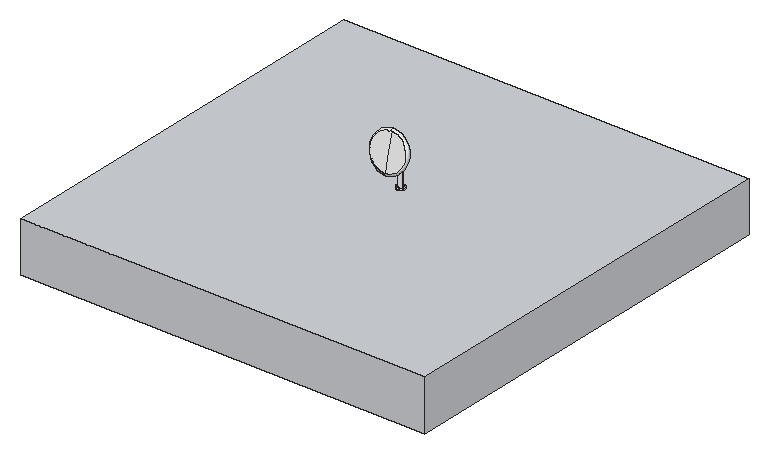
Revit family
Parameters (values of type "TS416A")
  ecoScorecard_data = "http://products.ecoscorecard.com/toto/TS416A"
  ecoScorecard Product Page = "http://products.ecoscorecard.com/toto/TS416A?action=html"
  Width = 9"
  Warranty URL = "http://www.totousa.com/Support/WarrantyInformation.aspx"
  Warranty = "Lifetime Limited Warranty (Residential Use); One Year Limited (Commercial Use)"
  URL = "http://www.totousa.com"
  Toto BIM Number = "BM-0308"  # constant formula
  Tempered Water Connection NPT Radius = 1/4"
  Subcategory = "Showers"  # constant formula
  Style = "Contemporary"  # constant formula
  Spec Sheet URL = "http://www.totousa.com/Portals/0/ProductDownloads/SS-00603_TS416A.pdf"
  Shipping Weight = 3.30 lbf
  Series = "Aquia"  # constant formula
  Product Page URL = "http://www.totousa.com/ProductDetail.aspx?productid=705"
  Parts Manual URL = "http://www.totousa.com/Portals/0/ProductDownloads/PD-00630_TS416A.pdf"
  Owners Manual URL = "http://www.totousa.com/Portals/0/ProductDownloads/0GU4116_SHOWERHEAD_WITH_ARM_IM_OM.pdf"
  Model = "TS416A"  # constant formula
  Manufacturer Toll Free Phone = "1-888-295-8134"  # constant formula
  Manufacturer Phone = "(770) 282-8686"  # constant formula
  Manufacturer Fax = "(770) 282-0002"  # constant formula
  Manufacturer Email = "mailto:custservice@totousa.com "
  Manufacturer Address = "1155 Southern Road, Morrow, Georgia 30260"  # constant formula
  Manufacturer = "TOTO USA, Inc."  # constant formula
  Height = 5 3/4"
  Flow Rate = 2.50 GPM
  Finish = Metal - TOTO - Chrome - Polished
  Description = "Aquia® Showerhead "
  Depth = 13 11/16"
  Default Elevation = 72"
  Cost Info = "mailto:custservice@totousa.com"
  Color Availability = "#CP Polished Chrome, #BN Brushed Nickel, #PN Polished Nickel"
  CAD Drawing URL = "http://www.totousa.com/Portals/0/ProductDownloads/AD-00432_TS416A.dxf"
  Assembly Code = "D2010710"
  95 CSI = "15416"  # constant formula
  04 CSI = "22 41 39"  # constant formula
Reference planes (in)
  plane 1 "Center (Front/Back)": y = 0
  plane 2: z = 0
  plane 3 "Center (Left/Right)": x = 0
  plane 4: x = -4.5
  plane 5: x = 4.5
  plane 6: z = 13.6875
  plane 7: y = 5.75
Forms (in)
  Extrusion 1, solid
    sketch origin (0, 0, 0) x (1, 0, 0) y (0, 1, 0)
      loop
        line (-48, 48) -> (-48, -48) -> (48, -48) -> (48, 48) -> (-48, 48)
    from 0 to -12
Dimensions and locks (in)
  "Width": plane 4 to plane 5
  "Depth": plane 6 to plane 2
  equal spacing: plane 4, plane 3 "Center (Left/Right)", plane 5
  "Height": plane 7 to plane 1 "Center (Front/Back)"
  aligned and locked: plane 2 to Extrusion 1
  aligned and locked: level to Extrusion 1
  aligned and locked: plane 3 "Center (Left/Right)" to nested 1
  aligned: plane 1 "Center (Front/Back)" to nested 1
  aligned and locked: plane 1 "Center (Front/Back)" to nested 1
Automatic sketch dimensions
  Extrusion 1 sketch curve to Extrusion 1 sketch curve = 96"  (x2)
Nested families (in)
  nested 1: "TS416A" at (0, 4.8125, 0), type "TS416A"
Connectors (in)
  piping at (0, 4.8125, 0), driven by "Flow Rate", driven by "Tempered Water Connection NPT Radius"
    settings: on nested 1, index 1, connector radius 1/4", flow factor 0, pipe flow 2.50 GPM, pressure drop 0.00 psi, fitting loss kfactor 0, connector angle 0.00°, fixture units 0, flow configuration 0, flow direction 1, fitting loss method 0, system type 7, connector reference index -1, connector utility 0, adjustable connector no, is connector primary yes, fitting loss table "", connector description "Tempered Water Inlet Connection"
Definition of nested family "TS416A"
  Parameters (values of type "TS416A")
    ecoScorecard_data = ""
    ecoScorecard Product Page = ""
    Width = 9"
    Warranty URL = ""
    Warranty = ""
    URL = "http://www.totousa.com"
    Toto BIM Number = ""
    Subcategory = "Showers"  # constant formula
    Style = "Contemporary"  # constant formula
    Spec Sheet URL = ""
    Shipping Weight = 0.00 lbf
    Series = ""
    Product Page URL = ""
    Parts Manual URL = ""
    Owners Manual URL = ""
    Mount Type = ""
    Manufacturer Toll Free Phone = "1-888-295-8134"  # constant formula
    Manufacturer Phone = "(770) 282-8686"  # constant formula
    Manufacturer Fax = "(770) 282-0002"  # constant formula
    Manufacturer Email = "mailto:custservice@totousa.com "
    Manufacturer Address = "1155 Southern Road, Morrow, Georgia 30260"  # constant formula
    Manufacturer = "TOTO USA, Inc."  # constant formula
    Installation URL = ""
    Industry Standards = ""
    Height = 5 3/4"
    Finish = Metal - TOTO - Chrome - Polished
    Depth = 13 11/16"
    Default Elevation = 48"
    Cost Info = ""
    Color Availability = ""
    Code Compliance = ""
    Certifications = ""
    CAD Drawing URL = ""
    Assembly Code = "D2010710"
    ADA Compliant = yes
    95 CSI = ""
    04 CSI = ""
  Reference planes (in)
    plane 1 "Center (Front/Back)": y = 0
    plane 2: z = 0
    plane 3 "Center (Left/Right)": x = 0
    plane 4: z = 13.6875
    plane 5: x = -4.5
    plane 6: x = 4.5
    plane 7: y = 0.96875
    plane 8: y = 0
    plane 9: y = -0.96875
    plane 10: y = 0
    plane 11: y = 0.96875
    plane 12: y = -4.8125
    plane 13: y = 0.9375
  Forms (in)
    Extrusion 1, solid
      sketch origin (0, 0, 0) x (1, 0, 0) y (0, 1, 0)
        loop
          line (-48, 48) -> (-48, -48) -> (48, -48) -> (48, 48) -> (-48, 48)
      from 0 to -12
    Revolve 2, solid, material "Metal - TOTO - Chrome - Polished" <- "Finish", detail levels fine
      sketch origin (0, 0.15625, -0.37187) x (0, -1, 0) y (0, 0, -1)
        loop
          line (2.62393, -10.36195) -> (2.84808, -9.51576) -> (0.92353, -9.00596) -> (0.80675, -9.44681) -> (0.82885, -9.46891) -> (1.36683, -9.61306)
          arc (1.36683, -9.61306) -> (1.51395, -9.55187) -> (1.60972, -9.67921) r 0.12993
          line (1.60972, -9.67921) -> (1.56307, -9.85532)
          arc (1.56307, -9.85532) -> (1.56669, -9.90192) -> (1.60226, -9.93223) r 0.06092
          line (1.60226, -9.93223) -> (2.31706, -10.16299) -> (2.33012, -10.191) -> (2.57041, -10.26311)
          arc (2.57041, -10.26311) -> (2.61757, -10.30148) -> (2.62393, -10.36195) r 0.07968
        axis (0.92353, -9.00596) -> (2.84808, -9.51576)
      angle from 0 to 360
    Sweep 3, solid, material "Metal - TOTO - Chrome - Polished" <- "Finish"
      path origin (0, 0.09375, -0.37187) x (0, -1, 0) y (0, 0, -1)
        loop
          arc (0.86103, -9.00596) -> (0.30791, -8.64034) -> (0.09375, -8.01285) r 1.02636
          line (0.09375, -8.01285) -> (0.09375, -0.37187)
      profile origin (0, 0, 3.82049) x (1, 0, 0) y (0, 1, 0)
        loop
          circle (0, 0) r 0.47034
    Revolve 4, solid, material "Metal - TOTO - Chrome - Polished" <- "Finish"
      sketch origin (0, 0.16406, -0.49687) x (0, -1, 0) y (0, 0, -1)
        loop
          line (2.8505, -9.58093) -> (2.62484, -10.42308)
          arc (2.62484, -10.42308) -> (2.31744, -11.74687) -> (2.09211, -13.08708) r 22.06424
          line (2.09211, -13.08708) -> (1.97372, -13.74334)
          arc (1.97372, -13.74334) -> (2.30592, -14.1436) -> (2.77881, -13.92695) r 0.4276
          line (2.77881, -13.92695) -> (3.87012, -9.85414) -> (2.8505, -9.58093)
        axis (3.87012, -9.85414) -> (2.8505, -9.58093)
      angle from 0 to 360
    Revolve 5, solid, material "Metal - TOTO - Chrome - Polished" <- "Finish"
      sketch origin (0, 0, 0.00313) x (0, -1, 0) y (0, 0, -1)
        loop
          line (0, -0.47671) -> (0, -0.19118) -> (-0.96875, -0.19118) -> (-0.96875, -0.39502)
          arc (-0.96875, -0.39502) -> (-0.94482, -0.45278) -> (-0.88706, -0.47671) r 0.08169
          line (-0.88706, -0.47671) -> (0, -0.47671)
        axis (0, -0.47671) -> (0, -0.19118)
      angle from 0 to 360
    Revolve 6, solid, material "Metal - TOTO - Chrome - Polished" <- "Finish", detail levels coarse+medium
      sketch origin (0, 0, 0) x (0, -1, 0) y (0, 0, 1)
        loop
          line (0.76688, 8.6352) -> (2.74525, 9.09781) -> (2.51541, 9.95557) -> (0.6459, 9.09894) -> (0.76688, 8.6352)
        axis (2.74525, 9.09781) -> (0.75499, 8.63242)
      angle from 0 to 360
  Lines and regions (in)
    symbolic lines
      curve 1: arc (-0.48749, -0.83716, 0) -> (0, 0.96875, 0) -> (0.48749, -0.83716, 0) r 0.96875
      curve 2: line (-0.47034, 0, 0) -> (-0.47034, 0, 0.19431)
      curve 3: line (0.47034, 0, 0) -> (0.47034, 0, 0.19431)
      curve 4: arc (-2.21589, 0, 5.71827) -> (-1.15494, 0, 5.23248) -> (0, 0, 5.06603) r 4.09022
      curve 5: arc (-2.21589, 0, 12.59423) -> (-3.46024, 0, 11.50591) -> (-4.16341, 0, 10.00979) r 4.03295
      curve 6: arc (-4.16341, 0, 10.00979) -> (-4.25, 0, 9.15625) -> (-4.16341, 0, 8.30271) r 4.25
      curve 7: arc (0, 0, 13.24647) -> (-1.15494, 0, 13.08002) -> (-2.21589, 0, 12.59423) r 4.09022
      curve 8: arc (-2.21589, 0, 5.71827) -> (-3.46024, 0, 6.80659) -> (-4.16341, 0, 8.30271) r 4.03295
      curve 9: arc (2.21589, 0, 5.71827) -> (1.15494, 0, 5.23248) -> (0, 0, 5.06603) r 4.09022
      curve 10: arc (2.21589, 0, 12.59423) -> (3.46024, 0, 11.50591) -> (4.16341, 0, 10.00979) r 4.03295
      curve 11: arc (4.16341, 0, 10.00979) -> (4.25, 0, 9.15625) -> (4.16341, 0, 8.30271) r 4.25
      curve 12: arc (0, 0, 13.24647) -> (1.15494, 0, 13.08002) -> (2.21589, 0, 12.59423) r 4.09022
      curve 13: arc (2.21589, 0, 5.71827) -> (3.46024, 0, 6.80659) -> (4.16341, 0, 8.30271) r 4.03295
      curve 14: arc (4.43482, 0, 8.39309) -> (0, 0, 4.87972) -> (-4.43482, 0, 8.39309) r 4.55565
      curve 15: arc (4.43482, 0, 8.39309) -> (0, 0, 13.65625) -> (-4.43482, 0, 8.39309) r 4.5
      curve 16: line (-0.96875, 0, 0.19431) -> (0.96875, 0, 0.19431)
      curve 17: line (0.96875, 0, 0.19431) -> (0.96875, 0, 0.39851)
      curve 18: line (-0.96875, 0, 0.19431) -> (-0.96875, 0, 0.3975)
      curve 19: line (0.8873, 0, 0.47996) -> (-0.8863, 0, 0.47996)
      curve 20: arc (-0.8863, 0, 0.47996) -> (-0.9446, 0, 0.45581) -> (-0.96875, 0, 0.3975) r 0.08245
      curve 21: arc (0.8873, 0, 0.47996) -> (0.94489, 0, 0.4561) -> (0.96875, 0, 0.39851) r 0.08145
      curve 22: line (-0.47034, 0, 0.47996) -> (-0.47034, 0, 4.90406)
      curve 23: line (0.47034, 0, 0.47996) -> (0.47034, 0, 4.90406)
      curve 24: line (0.47034, 0, 0) -> (-0.47034, 0, 0)
      curve 25: circle (0, 0, 9.15625) r 3.57941 normal (0, -1, 0)
      curve 57: line (0, -2.61475, 13.43008) -> (0, -4.79736, 5.28445)
      curve 58: arc (0, -2.70215, 9.08827) -> (0, -2.24232, 10.82315) -> (0, -1.92805, 12.5902) r 21.60853
      curve 59: arc (0, -2.61475, 13.43008) -> (0, -2.13021, 13.64427) -> (0, -1.81769, 13.2165) r 0.42229
      curve 60: line (0, -1.81769, 13.2165) -> (0, -1.92805, 12.5902)
      curve 61: arc (0, -2.70215, 9.08827) -> (0, -3.17136, 7.35591) -> (0, -3.78272, 5.66846) r 21.60853
      curve 62: arc (0, -4.79736, 5.28445) -> (0, -4.48484, 4.85669) -> (0, -4.0003, 5.07088) r 0.42229
      curve 63: line (0, -4.0003, 5.07088) -> (0, -3.78272, 5.66846)
      curve 85: line (0, -0.88604, 8.179) -> (0, -0.64294, 9.09705)
      curve 86: arc (0, -0.64294, 9.09705) -> (0, 0.14204, 8.59775) -> (0, 0.47173, 7.72781) r 1.47426
      curve 87: arc (0, -0.88604, 8.179) -> (0, -0.56577, 7.95841) -> (0, -0.47031, 7.58142) r 0.55224
      curve 88: line (0, -0.47031, 7.58142) -> (0, -0.47031, 0.48001)
      curve 89: line (0, 0.47173, 7.72781) -> (0, 0.47173, 0.48001)
      curve 90: line (0, -0.47031, 0) -> (0, 0.47173, 0)
      curve 91: line (0, 0.96875, 0.19431) -> (0, -0.96875, 0.19431)
      curve 92: line (0, 0.96875, 0.19431) -> (0, 0.96875, 0.40003)
      curve 93: arc (0, 0.88592, 0.48001) -> (0, 0.94373, 0.45699) -> (0, 0.96875, 0.40003) r 0.08204
      curve 94: line (0, 0.88592, 0.48001) -> (0, -0.88592, 0.48001)
      curve 95: line (0, -0.96875, 0.19431) -> (0, -0.96875, 0.40003)
      curve 96: arc (0, -0.88592, 0.48001) -> (0, -0.94373, 0.45699) -> (0, -0.96875, 0.40003) r 0.08204
      curve 97: line (0, -0.47031, 0.19431) -> (0, -0.47031, 0)
      curve 98: line (0, 0.47173, 0.19431) -> (0, 0.47173, 0)
      curve 101: line (0.47034, 0, 0) -> (0.47034, -0.71051, 0)
      curve 102: line (-0.47034, 0, 0) -> (-0.47034, -0.75, 0)
      curve 103: arc (0.47034, 0, 0) -> (0, 0.47034, 0) -> (-0.47034, 0, 0) r 0.47034
      curve 113: spline (0, -2.61475, 0) -> (-1.09131, -2.65193, 0) -> (-2.10824, -2.76096, 0) -> (-2.9815, -2.93438, 0) -> (-3.65158, -3.1604, 0) -> (-4.07281, -3.4236, 0) -> (-4.21648, -3.70605, 0) -> (-4.07281, -3.98851, 0) -> (-3.65158, -4.25171, 0) -> (-2.9815, -4.47772, 0) -> (-2.10824, -4.65115, 0) -> (-1.09131, -4.76018, 0) -> (0, -4.79736, 0)
      curve 114: spline (0, -4.79736, 0) -> (1.09131, -4.76018, 0) -> (2.10824, -4.65115, 0) -> (2.9815, -4.47772, 0) -> (3.65158, -4.25171, 0) -> (4.07281, -3.98851, 0) -> (4.21648, -3.70605, 0) -> (4.07281, -3.4236, 0) -> (3.65158, -3.1604, 0) -> (2.9815, -2.93438, 0) -> (2.10824, -2.76096, 0) -> (1.09131, -2.65193, 0) -> (0, -2.61475, 0)
      curve 115: spline (0, -1.80966, 0) -> (0.33915, -1.81317, 0) -> (0.67613, -1.82368, 0) -> (1.0088, -1.84112, 0) -> (1.33502, -1.86538, 0) -> (1.65272, -1.8963, 0) -> (1.95986, -1.93368, 0) -> (2.25449, -1.9773, 0) -> (2.53473, -2.02687, 0) -> (2.79877, -2.08207, 0) -> (3.04495, -2.14254, 0) -> (3.27168, -2.20792, 0) -> (3.47752, -2.27777, 0)
      curve 116: spline (-3.56472, -2.31124, 0) -> (-3.36099, -2.23681, 0) -> (-3.13413, -2.16702, 0) -> (-2.8857, -2.10233, 0) -> (-2.6174, -2.04319, 0) -> (-2.33108, -1.99001, 0) -> (-2.02872, -1.94316, 0) -> (-1.71239, -1.90296, 0) -> (-1.38428, -1.86968, 0) -> (-1.04663, -1.84356, 0) -> (-0.70178, -1.82477, 0) -> (-0.3521, -1.81345, 0) -> (0, -1.80966, 0)
      curve 117: line (-3.56472, -2.31124, 0) -> (-3.38578, -4.35647, 0)
      curve 118: line (3.47752, -2.27777, 0) -> (3.38604, -4.35638, 0)
    model lines, detail levels fine
      curve 26: circle (0, -4.18362, 7.57496) r 0.25 normal (0, -0.9659, 0.2588)
      curve 27: circle (0, -4.70673, 5.62269) r 0.25 normal (0, -0.9659, 0.2588)
      curve 28: circle (0, -3.77202, 9.11108) r 0.25 normal (0, -0.9659, 0.2588)
      curve 29: circle (0, -4.42627, 6.6694) r 0.25 normal (0, -0.9659, 0.2588)
      curve 30: circle (0, -3.36042, 10.6472) r 0.25 normal (0, -0.9659, 0.2588)
      curve 31: circle (0, -2.83731, 12.59946) r 0.25 normal (0, -0.9659, 0.2588)
      curve 32: circle (0, -3.11777, 11.55275) r 0.25 normal (0, -0.9659, 0.2588)
      curve 33: circle (0.93476, -4.10501, 7.86833) r 0.25 normal (0, -0.9659, 0.2588)
      curve 34: circle (2.12275, -4.52822, 6.28891) r 0.25 normal (0, -0.9659, 0.2588)
      curve 35: circle (1.48581, -4.30132, 7.13572) r 0.25 normal (0, -0.9659, 0.2588)
      curve 36: circle (1.51247, -3.89921, 8.63639) r 0.25 normal (0, -0.9659, 0.2588)
      curve 37: circle (3.43469, -4.06086, 8.03311) r 0.25 normal (0, -0.9659, 0.2588)
      curve 38: circle (2.40409, -3.97419, 8.35656) r 0.25 normal (0, -0.9659, 0.2588)
      curve 39: circle (1.51247, -3.64483, 9.58576) r 0.25 normal (0, -0.9659, 0.2588)
      curve 40: circle (3.43469, -3.48318, 10.18905) r 0.25 normal (0, -0.9659, 0.2588)
      curve 41: circle (2.40409, -3.56985, 9.8656) r 0.25 normal (0, -0.9659, 0.2588)
      curve 42: circle (0.93476, -3.43903, 10.35383) r 0.25 normal (0, -0.9659, 0.2588)
      curve 43: circle (2.12275, -3.01582, 11.93324) r 0.25 normal (0, -0.9659, 0.2588)
      curve 44: circle (1.48581, -3.24272, 11.08643) r 0.25 normal (0, -0.9659, 0.2588)
      curve 45: circle (-0.93476, -4.10501, 7.86833) r 0.25 normal (0, 0.9659, -0.2588)
      curve 46: circle (-2.12275, -4.52822, 6.28891) r 0.25 normal (0, 0.9659, -0.2588)
      curve 47: circle (-1.48581, -4.30132, 7.13572) r 0.25 normal (0, 0.9659, -0.2588)
      curve 48: circle (-1.51247, -3.89921, 8.63639) r 0.25 normal (0, 0.9659, -0.2588)
      curve 49: circle (-3.43469, -4.06086, 8.03311) r 0.25 normal (0, 0.9659, -0.2588)
      curve 50: circle (-2.40409, -3.97419, 8.35656) r 0.25 normal (0, 0.9659, -0.2588)
      curve 51: circle (-1.51247, -3.64483, 9.58576) r 0.25 normal (0, 0.9659, -0.2588)
      curve 52: circle (-3.43469, -3.48318, 10.18905) r 0.25 normal (0, 0.9659, -0.2588)
      curve 53: circle (-2.40409, -3.56985, 9.8656) r 0.25 normal (0, 0.9659, -0.2588)
      curve 54: circle (-0.93476, -3.43903, 10.35383) r 0.25 normal (0, 0.9659, -0.2588)
      curve 55: circle (-2.12275, -3.01582, 11.93324) r 0.25 normal (0, 0.9659, -0.2588)
      curve 56: circle (-1.48581, -3.24272, 11.08643) r 0.25 normal (0, 0.9659, -0.2588)
    symbolic lines, detail levels fine
      curve 64: line (0, -2.17387, 9.81913) -> (0, -2.41295, 9.89222)
      curve 65: arc (0, -2.41295, 9.89222) -> (0, -2.44111, 9.9047) -> (0, -2.46004, 9.92901) r 0.06326
      curve 66: line (0, -2.17387, 9.81913) -> (0, -2.16081, 9.79111)
      curve 67: line (0, -2.16081, 9.79111) -> (0, -1.44752, 9.55935)
      curve 68: line (0, -1.40682, 9.48345) -> (0, -1.74894, 8.20665)
      curve 69: arc (0, -1.44752, 9.55935) -> (0, -1.41214, 9.52945) -> (0, -1.40682, 9.48345) r 0.06291
      curve 70: arc (0, -1.21143, 9.23976) -> (0, -1.35806, 9.18131) -> (0, -1.45424, 9.30647) r 0.13085
      curve 71: line (0, -0.6726, 9.09703) -> (0, -1.21143, 9.23976)
      curve 72: line (0, -0.6726, 9.09703) -> (0, -0.64865, 9.07549)
      curve 73: line (0, -0.6726, 9.09703) -> (0, -0.91419, 8.18498)
      curve 74: line (0, -1.21143, 9.23976) -> (0, -1.45302, 8.32772)
      curve 75: line (0, -2.17387, 9.81913) -> (0, -2.57607, 8.30078)
      curve 76: line (0, -2.16081, 9.79111) -> (0, -2.55085, 8.31866)
      curve 77: line (0, -2.57607, 8.30078) -> (0, -2.81998, 8.35563)
      curve 78: arc (0, -2.81998, 8.35563) -> (0, -2.85063, 8.35872) -> (0, -2.8791, 8.34698) r 0.06326
      curve 79: line (0, -2.57607, 8.30078) -> (0, -2.55085, 8.31866)
      curve 80: line (0, -2.55085, 8.31866) -> (0, -1.81636, 8.16691)
      curve 81: arc (0, -1.81636, 8.16691) -> (0, -1.77083, 8.17538) -> (0, -1.74343, 8.21272) r 0.06291
      curve 82: arc (0, -1.45302, 8.32772) -> (0, -1.55149, 8.4511) -> (0, -1.69702, 8.38996) r 0.13085
      curve 83: line (0, -0.91419, 8.18498) -> (0, -1.45302, 8.32772)
      curve 84: line (0, -0.91419, 8.18498) -> (0, -0.88213, 8.19376)
      curve 106: line (-0.72184, -1.8241, 0) -> (-0.72184, -1.63022, 0)
      curve 107: arc (-0.61877, -1.50425, 0) -> (-0.68545, -1.55484, 0) -> (-0.72184, -1.63022, 0) r 0.17895
      curve 108: line (-0.61877, -1.50425, 0) -> (-0.47034, -0.75, 0)
      curve 109: arc (0.47916, -0.74965, 0) -> (0.00437, -0.64348, 0) -> (-0.47034, -0.75, 0) r 1.11286
      curve 110: line (0.72184, -1.82639, 0) -> (0.72184, -1.63022, 0)
      curve 111: arc (0.61877, -1.50425, 0) -> (0.68545, -1.55484, 0) -> (0.72184, -1.63022, 0) r 0.17895
      curve 112: line (0.61877, -1.50425, 0) -> (0.46937, -0.7451, 0)
      curve 119: arc (-0.61877, -1.50425, 0) -> (0, -1.40276, 0) -> (0.61877, -1.50425, 0) r 1.93709
    symbolic lines, detail levels coarse+medium
      curve 99: line (0, -0.64294, 9.09705) -> (0, -2.46004, 9.92901)
      curve 100: line (0, -0.86251, 8.1726) -> (0, -2.91636, 8.22608)
      curve 104: line (-0.47034, -0.75, 0) -> (-0.72184, -1.8241, 0)
      curve 105: line (0.47034, -0.71051, 0) -> (0.72184, -1.82639, 0)
  Dimensions and locks (in)
    "Depth": plane 4 to plane 2
    "Width": plane 5 to plane 6
    equal spacing: plane 7, plane 8, plane 9
    plane 7 to plane 9 = 1 15/16"
    plane 10 to plane 11 = 31/32"
    "Height": plane 13 to plane 12
    aligned and locked: plane 2 to Extrusion 1
    aligned and locked: level to Extrusion 1
  Automatic sketch dimensions
    curve 96 to plane 9 = 0"
    curve 90 to level = 0"
    curve 92 to plane 7 = 0"
    plane 9 to curve 86 = 0.03252"
    curve 87 to curve 86 = 0.01783"
    plane 9 to curve 71 = 0.24268"
    curve 70 to curve 70 = 0.11196"
    curve 68 to curve 70 = 0.08343"
    curve 67 to curve 69 = 0.0407"
    plane 9 to curve 83 = 0.48427"
    curve 70 to curve 70 = 0.13085"
    curve 69 to curve 67 = 0.02007"
    curve 82 to curve 83 = 0.13081"
    curve 82 to curve 82 = 0.11319"
    curve 81 to curve 82 = 0.04641"
    curve 68 to curve 81 = 0.00551"
    curve 81 to curve 68 = 0.05535"
    curve 81 to curve 81 = 0.01208"
    plane 9 to curve 60 = 0.84894"
    curve 60 to curve 60 = 0.11036"
    curve 66 to curve 67 = 0.71329"
    curve 64 to curve 76 = 0.01306"
    curve 59 to curve 59 = 0.42182"
    curve 65 to curve 75 = 0.22829"
    curve 64 to curve 65 = 0.01079"
    curve 99 to curve 65 = 0.04709"
    curve 76 to curve 81 = 0.73449"
    curve 75 to curve 80 = 0.02522"
    curve 57 to plane 4 = 0.25742"
    curve 57 to curve 59 = 0.37524"
    curve 61 to curve 79 = 0.15129"
    curve 77 to curve 75 = 0.24391"
    curve 78 to curve 77 = 0.02149"
    curve 78 to curve 77 = 0.05912"
    curve 100 to curve 78 = 0.0749"
    curve 63 to curve 100 = 0.86636"
    curve 62 to curve 61 = 0.21758"
    curve 62 to curve 63 = 0.37524"
    curve 57 to curve 62 = 0.42182"
    plane 4 to curve 61 = 0.17891"
    curve 83 to curve 85 = 0.02815"
    curve 87 to curve 84 = 1/256"
    curve 87 to curve 100 = 0.02353"
    curve 72 to curve 72 = 0.02395"
    curve 72 to curve 86 = 0.00571"
    level to curve 98 = 0.19431"
    curve 98 to plane 1 "Center (Front/Back)" = 0.47173"
    curve 89 to plane 1 "Center (Front/Back)" = 0.47173"
    curve 93 to plane 7 = 0.08283"
    curve 93 to plane 7 = 21/256"
    curve 91 to curve 96 = 0.20367"
    curve 91 to curve 93 = 0.20367"
    curve 96 to curve 96 = 0.00205"
    level to curve 63 = 5.07088"
    curve 63 to curve 62 = 0.1937"
    curve 63 to curve 63 = 0.59757"
    curve 88 to curve 100 = 0.64466"
    curve 88 to curve 87 = 0.06161"
    curve 87 to curve 86 = 0.02398"
    curve 87 to curve 86 = 0.14639"
    curve 81 to curve 85 = 0.01208"
    curve 85 to curve 84 = 0.00599"
    curve 80 to curve 68 = 0.03974"
    curve 68 to curve 81 = 0.00607"
    curve 100 to curve 78 = 0.07005"
    curve 78 to curve 75 = 0.00466"
    curve 79 to curve 76 = 0.01787"
    curve 81 to curve 82 = 0.11159"
    curve 82 to curve 82 = 0.00341"
    curve 78 to curve 78 = 0.05085"
    curve 70 to curve 70 = 0.06671"
    curve 69 to curve 69 = 0.01628"
    curve 67 to curve 76 = 0.23176"
    curve 76 to curve 66 = 0.02801"
    curve 75 to curve 64 = 0.07309"
    curve 65 to curve 65 = 0.03679"
    curve 60 to plane 4 = 0.471"
    curve 4 to curve 6 = 0"  (x2)
    curve 4 to curve 7 = 0"  (x2)
    curve 4 to curve 9 = 0"  (x2)
    curve 4 to curve 11 = 0"  (x2)
    curve 4 to curve 12 = 0"  (x2)
    curve 4 to curve 15 = 0"  (x2)
    curve 4 to curve 25 = 0"  (x2)
    curve 6 to curve 7 = 0"  (x2)
    curve 6 to curve 9 = 0"  (x2)
    curve 6 to curve 11 = 0"  (x2)
    curve 6 to curve 12 = 0"  (x2)
    curve 6 to curve 15 = 0"  (x2)
    curve 6 to curve 25 = 0"  (x2)
    curve 7 to curve 9 = 0"  (x2)
    curve 7 to curve 11 = 0"  (x2)
    curve 7 to curve 12 = 0"  (x2)
    curve 7 to curve 15 = 0"  (x2)
    curve 7 to curve 25 = 0"  (x2)
    curve 9 to curve 11 = 0"  (x2)
    curve 9 to curve 12 = 0"  (x2)
    curve 9 to curve 15 = 0"  (x2)
    curve 9 to curve 25 = 0"  (x2)
    curve 11 to curve 12 = 0"  (x2)
    curve 11 to curve 15 = 0"  (x2)
    curve 11 to curve 25 = 0"  (x2)
    curve 12 to curve 15 = 0"  (x2)
    curve 12 to curve 25 = 0"  (x2)
    curve 15 to curve 25 = 0"  (x2)
    curve 24 to level = 0"
    curve 7 to plane 3 "Center (Left/Right)" = 0"
    curve 14 to plane 3 "Center (Left/Right)" = 0"
    curve 8 to plane 3 "Center (Left/Right)" = 0.23938"
    curve 8 to curve 5 = 0"
    level to curve 2 = 0.19431"
    curve 2 to plane 3 "Center (Left/Right)" = 0.47034"
    curve 22 to curve 2 = 0"
    curve 20 to curve 22 = 0.41596"
    curve 20 to curve 20 = 0.08245"
    curve 7 to plane 4 = 1.09327"
    curve 7 to plane 3 "Center (Left/Right)" = 2.21589"
    curve 4 to curve 22 = 1.74555"
    curve 5 to plane 5 = 0.33659"
    curve 6 to plane 5 = 0.33659"
    curve 14 to plane 5 = 0.06518"
    plane 3 "Center (Left/Right)" to curve 13 = 0.23938"
    curve 13 to curve 10 = 0"
    plane 3 "Center (Left/Right)" to curve 24 = 0.47034"
    curve 23 to curve 3 = 0"
    curve 23 to curve 21 = 0.41696"
    curve 21 to curve 16 = 0.08145"
    curve 23 to curve 13 = 1.74555"
    curve 10 to plane 4 = 1.09327"
    curve 11 to plane 6 = 0.33659"
    curve 11 to curve 14 = 0.27141"
    curve 16 to curve 18 = 0.2032"
    curve 23 to curve 23 = 4.4241"
    curve 22 to curve 9 = 0.16197"
    curve 23 to curve 13 = 0.81421"
    curve 4 to curve 8 = 2.58445"
    curve 13 to curve 11 = 2.58445"
    curve 6 to curve 14 = 0.09038"
    Extrusion 1 sketch curve to Extrusion 1 sketch curve = 96"  (x2)
    Revolve 2 sketch curve to Revolve 2 sketch curve = 0.0221"  (x2)
    Revolve 2 sketch curve to Revolve 2 sketch curve = 0"  (x4)
    plane 9 to Revolve 2 sketch curve = 0.24183"
    Revolve 2 sketch curve to Revolve 2 sketch curve = 0.11298"
    Revolve 2 sketch curve to Revolve 2 sketch curve = 0.08326"
    Revolve 2 sketch curve to Revolve 2 sketch curve = 0.03919"
    Revolve 2 sketch curve to Revolve 2 sketch curve = 0.12991"
    Revolve 2 sketch curve to Revolve 2 sketch curve = 0.05791"
    Revolve 2 sketch curve to Revolve 2 sketch curve = 0.7148"
    Revolve 2 sketch curve to Revolve 2 sketch curve = 0.01306"
    Revolve 2 sketch curve to Revolve 2 sketch curve = 0.21738"
    Revolve 2 sketch curve to Revolve 2 sketch curve = 0.0229"
    Revolve 2 sketch curve to Revolve 2 sketch curve = 0.07643"
    Revolve 2 sketch curve to Revolve 2 sketch curve = 0.27767"
    Revolve 2 sketch curve to plane 4 = 3.69743"
    Revolve 2 sketch curve to Revolve 2 sketch curve = 0.02252"
    Revolve 2 sketch curve to Revolve 2 sketch curve = 0.07211"
    Revolve 2 sketch curve to Revolve 2 sketch curve = 0.02801"
    Revolve 2 sketch curve to Revolve 2 sketch curve = 0.23075"
    Revolve 2 sketch curve to Revolve 2 sketch curve = 0.05798"
    Revolve 2 sketch curve to Revolve 2 sketch curve = 0.17611"
    Revolve 2 sketch curve to Revolve 2 sketch curve = 0.00198"
    Revolve 2 sketch curve to Revolve 2 sketch curve = 0.74734"
    Sweep 3 sketch curve to level = 0"
    Sweep 3 sketch curve to plane 1 "Center (Front/Back)" = 0"
    plane 9 to Sweep 3 sketch curve = 0.05761"
    Sweep 3 sketch curve to plane 4 = 6.04653"
    profile plane to Sweep 3 sketch curve = 0"
    Sweep 3 sketch curve to profile plane = 0"
    Revolve 4 sketch curve to plane 4 = 0.44103"
    plane 9 to Revolve 4 sketch curve = 0.84091"
    Revolve 4 sketch curve to Revolve 4 sketch curve = 0.11839"
    Revolve 4 sketch curve to Revolve 4 sketch curve = 0.42727"
    plane 9 to Revolve 4 sketch curve = 1.49203"
    Revolve 4 sketch curve to plane 4 = 0.25742"
    Revolve 4 sketch curve to Revolve 4 sketch curve = 0.37781"
    Revolve 4 sketch curve to Revolve 4 sketch curve = 0.22565"
    Revolve 4 sketch curve to Revolve 4 sketch curve = 0"  (x4)
    Revolve 4 sketch curve to Revolve 4 sketch curve = 1.01962"
    plane 4 to Revolve 4 sketch curve = 1.88912"
    Revolve 4 sketch curve to Revolve 4 sketch curve = 21/32"
    Revolve 5 sketch curve to plane 7 = 0"
    Revolve 5 sketch curve to plane 1 "Center (Front/Back)" = 0"  (x2)
    Revolve 5 sketch curve to Revolve 5 sketch curve = 0.08169"
    plane 4 to Revolve 5 sketch curve = 78.59148"
    level to Revolve 5 sketch curve = 0.47983"
    level to Revolve 5 sketch curve = 0.19431"
    Revolve 5 sketch curve to level = 23.99687"
    Revolve 6 sketch curve to Revolve 6 sketch curve = 0"  (x2)
    Revolve 6 sketch curve to plane 9 = 1.54666"
    Revolve 6 sketch curve to Revolve 6 sketch curve = 0.17102"
    Revolve 6 sketch curve to Revolve 6 sketch curve = 0.05881"
    plane 4 to Revolve 6 sketch curve = 5.0523"
    Revolve 6 sketch curve to Revolve 6 sketch curve = 0.44886"
    Revolve 6 sketch curve to Revolve 6 sketch curve = 0.01375"
    Revolve 6 sketch curve to Revolve 6 sketch curve = 0.46375"
    Revolve 6 sketch curve to Revolve 6 sketch curve = 0.85775"
    curve 30 to plane 3 "Center (Left/Right)" = 0"
    curve 32 to plane 3 "Center (Left/Right)" = 0"
    curve 26 to plane 3 "Center (Left/Right)" = 0"
    curve 28 to plane 3 "Center (Left/Right)" = 0"
    curve 27 to plane 3 "Center (Left/Right)" = 0"
    curve 29 to plane 3 "Center (Left/Right)" = 0"
    curve 31 to plane 3 "Center (Left/Right)" = 0"
    curve 45 to plane 3 "Center (Left/Right)" = 0.93476"
    curve 54 to plane 3 "Center (Left/Right)" = 0.93476"
    curve 56 to curve 54 = 0.55105"
    curve 47 to curve 45 = 0.55105"
    curve 48 to curve 45 = 0.57771"
    curve 51 to curve 54 = 0.57771"
    curve 55 to curve 56 = 0.63694"
    curve 46 to curve 47 = 0.63694"
    curve 53 to curve 51 = 0.89162"
    curve 50 to curve 48 = 0.89162"
    curve 52 to plane 5 = 1.06531"
    curve 49 to plane 5 = 1.06531"
    plane 3 "Center (Left/Right)" to curve 42 = 0.93476"
    plane 3 "Center (Left/Right)" to curve 33 = 0.93476"
    curve 33 to curve 35 = 0.55105"
    curve 42 to curve 44 = 0.55105"
    curve 42 to curve 39 = 0.57771"
    curve 36 to curve 39 = 0"
    curve 35 to curve 34 = 0.63694"
    curve 44 to curve 43 = 0.63694"
    curve 36 to curve 38 = 0.89162"
    curve 39 to curve 41 = 0.89162"
    curve 37 to plane 6 = 1.06531"
    curve 40 to plane 6 = 1.06531"
    curve 31 to curve 43 = 0.68972"
    curve 31 to curve 55 = 0.68972"
    curve 31 to curve 32 = 1.08363"
    curve 55 to curve 56 = 0.87668"
    curve 43 to curve 44 = 0.87668"
    curve 32 to curve 30 = 15/16"
    curve 56 to curve 54 = 0.75845"
    curve 44 to curve 42 = 0.75845"
    curve 44 to curve 40 = 0.92904"
    curve 56 to curve 52 = 0.92904"
    curve 40 to curve 41 = 0.33486"
    curve 52 to curve 53 = 0.33486"
    curve 53 to curve 51 = 0.2897"
    curve 41 to curve 39 = 0.2897"
    curve 51 to curve 28 = 0.49143"
    curve 39 to curve 36 = 0.98287"
    curve 51 to curve 48 = 0.98287"
    curve 36 to curve 38 = 0.2897"
    curve 48 to curve 50 = 0.2897"
    curve 38 to curve 37 = 0.33486"
    curve 50 to curve 49 = 0.33486"
    curve 36 to curve 33 = 0.79515"
    curve 48 to curve 45 = 0.79515"
    curve 45 to curve 26 = 0.30372"
    curve 45 to curve 47 = 0.75845"
    curve 33 to curve 35 = 0.75845"
    curve 26 to curve 29 = 15/16"
    curve 35 to curve 34 = 0.87668"
    curve 47 to curve 46 = 0.87668"
    curve 29 to curve 27 = 1.08363"
    curve 83 to plane 9 = 0.05456"
    curve 95 to curve 96 = 21/256"
    curve 96 to curve 96 = 0.00081"
    plane 1 "Center (Front/Back)" to curve 90 = 0.47031"
    plane 1 "Center (Front/Back)" to curve 88 = 0.47031"
    Revolve 2 sketch curve to plane 9 = 0.20147"
    Revolve 2 sketch curve to plane 9 = 0.29615"
    Sweep 3 sketch curve to plane 9 = 0.20147"
    plane 9 to Revolve 6 sketch curve = 0.20187"
    plane 9 to Revolve 6 sketch curve = 0.32285"
    plane 4 to curve 58 = 1.79959"
    plane 12 to curve 58 = 18.52901"
    plane 12 to Revolve 4 sketch curve = 18.97675"
    curve 1 to curve 103 = 0"  (x2)
    plane 1 "Center (Front/Back)" to curve 103 = 0"
    curve 115 to plane 3 "Center (Left/Right)" = 0"
    curve 119 to plane 3 "Center (Left/Right)" = 0"
    curve 114 to plane 3 "Center (Left/Right)" = 0"
    curve 109 to plane 9 = 7/32"
    curve 109 to plane 3 "Center (Left/Right)" = 0.47034"
    curve 1 to curve 109 = 0.01715"
    curve 107 to plane 3 "Center (Left/Right)" = 0.54696"
    curve 107 to curve 107 = 0.07181"
    curve 106 to curve 107 = 0.17488"
    curve 117 to plane 12 = 0.45603"
    curve 117 to plane 5 = 1.11422"
    curve 117 to plane 5 = 0.93528"
    plane 3 "Center (Left/Right)" to curve 109 = 0.00478"
    curve 112 to plane 9 = 0.22365"
    curve 112 to curve 101 = 0.00096"
    curve 112 to curve 109 = 0.00979"
    curve 109 to curve 1 = 0.00833"
    plane 3 "Center (Left/Right)" to curve 111 = 0.54696"
    curve 111 to curve 119 = 0.07181"
    curve 111 to curve 110 = 0.17488"
    curve 118 to plane 12 = 0.45612"
    curve 118 to plane 6 = 1.11396"
    curve 118 to plane 6 = 1.02248"
    curve 113 to plane 6 = 0.28352"
    curve 114 to curve 113 = 0"
    curve 116 to plane 6 = 0.2525"
    curve 115 to curve 116 = 0"
    curve 113 to curve 119 = 0.3662"
    curve 113 to curve 115 = 0.79706"
    curve 116 to curve 115 = 0"
    curve 110 to curve 115 = 0.01673"
    curve 104 to curve 116 = 0.01444"
    curve 115 to curve 109 = 0.05332"
    curve 105 to curve 111 = 0.15824"
    curve 104 to curve 107 = 0.15595"
    curve 107 to curve 107 = 0.03794"
    curve 103 to plane 3 "Center (Left/Right)" = 0"
    radius of curve 25 = 3.57941"
    radius of Sweep 3 sketch curve = 0.47034"
    radius of curve 26 = 1/4"
    radius of curve 27 = 1/4"
    radius of curve 28 = 1/4"
    radius of curve 29 = 1/4"
    radius of curve 30 = 1/4"
    radius of curve 31 = 1/4"
    radius of curve 32 = 1/4"
    radius of curve 33 = 1/4"
    radius of curve 34 = 1/4"
    radius of curve 35 = 1/4"
    radius of curve 36 = 1/4"
    radius of curve 37 = 1/4"
    radius of curve 38 = 1/4"
    radius of curve 39 = 1/4"
    radius of curve 40 = 1/4"
    radius of curve 41 = 1/4"
    radius of curve 42 = 1/4"
    radius of curve 43 = 1/4"
    radius of curve 44 = 1/4"
    radius of curve 45 = 1/4"
    radius of curve 46 = 1/4"
    radius of curve 47 = 1/4"
    radius of curve 48 = 1/4"
    radius of curve 49 = 1/4"
    radius of curve 50 = 1/4"
    radius of curve 51 = 1/4"
    radius of curve 52 = 1/4"
    radius of curve 53 = 1/4"
    radius of curve 54 = 1/4"
    radius of curve 55 = 1/4"
    radius of curve 56 = 1/4"
